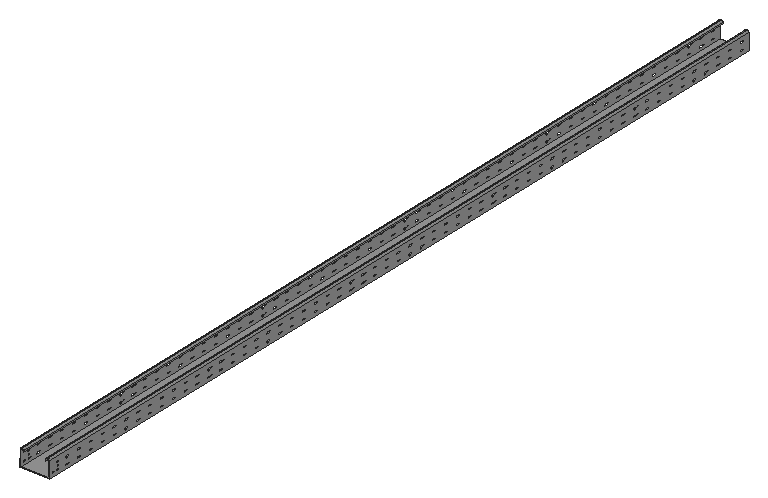
Revit family "Kabelrinne_rksm_A2_610_615_620_630_640_650_660", category Generic Models, Revit 2017
Family settings
  Can host rebar = No
  Round Connector Dimension = Use Diameter
  Part Type = Normal
  Work Plane-Based = No
  Always vertical = Yes
  Cut with Voids When Loaded = No
  Shared = No
  Room Calculation Point = No
Parameters (values of type "RKSM 610 A2")
  Width 1 = Width / 2  # 50 mm
  Width = 100 mm
  URL = "http://www.obo-bettermann.com"
  Material = Stainless steel, A2
  Manufacturer Art.No. = "6047613"
  Manufacturer = "OBO BETTERMANN"
  Length = 3000 mm
  GTIN = "4012195706083"
  Cut's space 2 = 50.8 mm
  Cut's space = 101.7 mm
  Cut's number 3 = (Length / Cut's space 2) - 1  # 58
  Cut's number 2 = 2
  Cut's number = Length / Cut's space  # 29
  Article Type = "RKSM 610 A2"
Reference planes
  plane 1 "Center (Front/Back)": y = 0
  plane 2: z = 0
  plane 3 "Center (Left/Right)": x = 0
  plane 4: z = 60
  plane 5: z = 51
  plane 6: x = -25
  plane 7: x = -25
  plane 8: z = -2.65
  plane 9: z = -3.65
  plane 10: y = 3000
  plane 11: y = 82.8
  plane 12: y = 133.6
  plane 13: x = 49
  plane 14: x = 50
  plane 15: x = -50
  plane 16: x = -49
  plane 17: x = -49
  plane 18: x = -50
  plane 19: x = -49
  plane 20: x = -50
  plane 21: x = -50
  plane 22: x = -49
  plane 23: x = 50
  plane 24: x = 49
  plane 25: x = -50
  plane 26: x = -49
Forms (mm)
  Extrusion 1, solid, material "Stainless steel, A2" <- "Material"
    sketch origin (0, 0, 0) x (1, 0, 0) y (0, 0, 1)
      loop
        line (-50, 0) -> (50, 0) -> (50, 54.088)
        arc (50, 54.088) -> (44, 60.088) -> (38, 54.088) r 6
        line (38, 54.088) -> (38, 51) -> (39, 51) -> (39, 54.088)
        arc (39, 54.088) -> (44, 59.088) -> (49, 54.088) r 5
        line (49, 54.088) -> (49, 1) -> (-49, 1) -> (-49, 54.218)
        arc (-49, 54.218) -> (-44, 59.218) -> (-39, 54.218) r 5
        line (-39, 54.218) -> (-39, 51) -> (-38, 51) -> (-38, 54.218)
        arc (-38, 54.218) -> (-44, 60.218) -> (-50, 54.218) r 6
        line (-50, 54.218) -> (-50, 0)
    from 0 to -3000
  Extrusion 2, solid, not visible
    sketch origin (0, 0, 0) x (1, 0, 0) y (0, 1, 0)
      loop
        arc (-34.045, -114.18) -> (-25, -123.225) -> (-15.955, -114.18) r 9.045
        line (-15.955, -114.18) -> (-15.955, -89.18)
        arc (-15.955, -89.18) -> (-25, -80.135) -> (-34.045, -89.18) r 9.045
        line (-34.045, -89.18) -> (-34.045, -114.18)
    from -2.65 to 0
  Extrusion 3, void, not visible
    sketch origin (0, 0, 0) x (1, 0, 0) y (0, 1, 0)
      loop
        arc (-28.5, -114.18) -> (-25, -117.68) -> (-21.5, -114.18) r 3.5
        line (-21.5, -114.18) -> (-21.5, -89.18)
        arc (-21.5, -89.18) -> (-25, -85.68) -> (-28.5, -89.18) r 3.5
        line (-28.5, -89.18) -> (-28.5, -114.18)
    from -3.65 to 1
  Extrusion 4, void, not visible
    sketch origin (0, 0, 0) x (0, 1, 0) y (0, 0, 1)
      loop
        arc (-82.76, 16) -> (-86.26, 12.5) -> (-82.76, 9) r 3.5
        line (-82.76, 9) -> (-69.76, 9)
        arc (-69.76, 9) -> (-66.26, 12.5) -> (-69.76, 16) r 3.5
        line (-69.76, 16) -> (-82.76, 16)
    from 49 to 50
  Extrusion 5, void
    sketch origin (25, 0, 0) x (0, 1, 0) y (0, 0, 1)
      loop
        line (82.8, 16) -> (69.8, 16)
        arc (69.8, 16) -> (66.3, 12.5) -> (69.8, 9) r 3.5
        line (69.8, 9) -> (82.8, 9)
        arc (82.8, 9) -> (86.3, 12.5) -> (82.8, 16) r 3.5
    from -75 to -74
  Extrusion 6, void, not visible
    sketch origin (25, 0, 0) x (0, 1, 0) y (0, 0, 1)
      loop
        line (82.76, 16) -> (69.76, 16)
        arc (69.76, 16) -> (66.26, 12.5) -> (69.76, 9) r 3.5
        line (69.76, 9) -> (82.76, 9)
        arc (82.76, 9) -> (86.26, 12.5) -> (82.76, 16) r 3.5
    from -75 to -74
  Extrusion 7, void, not visible
    sketch origin (-25, 0, 0) x (0, 1, 0) y (0, 0, 1)
      loop
        arc (69.76, 15.998) -> (66.26, 12.498) -> (69.76, 8.998) r 3.5
        line (69.76, 8.998) -> (82.76, 8.998)
        arc (82.76, 8.998) -> (86.26, 12.498) -> (82.76, 15.998) r 3.5
        line (82.76, 15.998) -> (69.76, 15.998)
    from 74 to 75
  Extrusion 8, void
    sketch origin (25, 0, 25) x (0, 1, 0) y (0, 0, 1)
      loop
        line (82.8, 16) -> (69.8, 16)
        arc (69.8, 16) -> (66.3, 12.5) -> (69.8, 9) r 3.5
        line (69.8, 9) -> (82.8, 9)
        arc (82.8, 9) -> (86.3, 12.5) -> (82.8, 16) r 3.5
    from -75 to -74
  Extrusion 9, void, not visible
    sketch origin (25, 0, 0) x (0, 1, 0) y (0, 0, 1)
      loop
        line (82.8, 16) -> (69.8, 16)
        arc (69.8, 16) -> (66.3, 12.5) -> (69.8, 9) r 3.5
        line (69.8, 9) -> (82.8, 9)
        arc (82.8, 9) -> (86.3, 12.5) -> (82.8, 16) r 3.5
    from -75 to -74
  Extrusion 10, void
    sketch origin (-20, 0, 0) x (0, 1, 0) y (0, 0, 1)
      loop
        arc (69.8, 16) -> (66.3, 12.5) -> (69.8, 9) r 3.5
        line (69.8, 9) -> (82.8, 9)
        arc (82.8, 9) -> (86.3, 12.5) -> (82.8, 16) r 3.5
        line (82.8, 16) -> (69.8, 16)
    from 69 to 70
  Extrusion 11, void
    sketch origin (-20, 0, 25) x (0, 1, 0) y (0, 0, 1)
      loop
        arc (69.8, 16) -> (66.3, 12.5) -> (69.8, 9) r 3.5
        line (69.8, 9) -> (82.8, 9)
        arc (82.8, 9) -> (86.3, 12.5) -> (82.8, 16) r 3.5
        line (82.8, 16) -> (69.8, 16)
    from 69 to 70
  Extrusion 12, void, not visible
    sketch origin (0, 0, 0) x (0, 1, 0) y (0, 0, 1)
      loop
        arc (69.8, 16) -> (66.3, 12.5) -> (69.8, 9) r 3.5
        line (69.8, 9) -> (82.8, 9)
        arc (82.8, 9) -> (86.3, 12.5) -> (82.8, 16) r 3.5
        line (82.8, 16) -> (69.8, 16)
    from 69 to 70
  Extrusion 13, void
    sketch origin (-20, 50.8, 0) x (0, 1, 0) y (0, 0, 1)
      loop
        arc (69.8, 16) -> (66.3, 12.5) -> (69.8, 9) r 3.5
        line (69.8, 9) -> (82.8, 9)
        arc (82.8, 9) -> (86.3, 12.5) -> (82.8, 16) r 3.5
        line (82.8, 16) -> (69.8, 16)
    from 69 to 70
  Extrusion 14, void
    sketch origin (-20, 50.8, 25) x (0, 1, 0) y (0, 0, 1)
      loop
        arc (69.8, 16) -> (66.3, 12.5) -> (69.8, 9) r 3.5
        line (69.8, 9) -> (82.8, 9)
        arc (82.8, 9) -> (86.3, 12.5) -> (82.8, 16) r 3.5
        line (82.8, 16) -> (69.8, 16)
    from 69 to 70
  Extrusion 15, void
    sketch origin (-20, 101.6, 0) x (0, 1, 0) y (0, 0, 1)
      loop
        arc (69.8, 16) -> (66.3, 12.5) -> (69.8, 9) r 3.5
        line (69.8, 9) -> (82.8, 9)
        arc (82.8, 9) -> (86.3, 12.5) -> (82.8, 16) r 3.5
        line (82.8, 16) -> (69.8, 16)
    from 69 to 70
  Extrusion 16, void
    sketch origin (-20, 101.6, 25) x (0, 1, 0) y (0, 0, 1)
      loop
        arc (69.8, 16) -> (66.3, 12.5) -> (69.8, 9) r 3.5
        line (69.8, 9) -> (82.8, 9)
        arc (82.8, 9) -> (86.3, 12.5) -> (82.8, 16) r 3.5
        line (82.8, 16) -> (69.8, 16)
    from 69 to 70
  Extrusion 17, void
    sketch origin (-20, 152.4, 0) x (0, 1, 0) y (0, 0, 1)
      loop
        arc (69.8, 16) -> (66.3, 12.5) -> (69.8, 9) r 3.5
        line (69.8, 9) -> (82.8, 9)
        arc (82.8, 9) -> (86.3, 12.5) -> (82.8, 16) r 3.5
        line (82.8, 16) -> (69.8, 16)
    from 69 to 70
  Extrusion 18, void
    sketch origin (-20, 152.4, 25) x (0, 1, 0) y (0, 0, 1)
      loop
        arc (69.8, 16) -> (66.3, 12.5) -> (69.8, 9) r 3.5
        line (69.8, 9) -> (82.8, 9)
        arc (82.8, 9) -> (86.3, 12.5) -> (82.8, 16) r 3.5
        line (82.8, 16) -> (69.8, 16)
    from 69 to 70
  Extrusion 19, void
    sketch origin (25, 50.8, 0) x (0, 1, 0) y (0, 0, 1)
      loop
        line (82.8, 16) -> (69.8, 16)
        arc (69.8, 16) -> (66.3, 12.5) -> (69.8, 9) r 3.5
        line (69.8, 9) -> (82.8, 9)
        arc (82.8, 9) -> (86.3, 12.5) -> (82.8, 16) r 3.5
    from -75 to -74
  Extrusion 20, void
    sketch origin (25, 50.8, 25) x (0, 1, 0) y (0, 0, 1)
      loop
        line (82.8, 16) -> (69.8, 16)
        arc (69.8, 16) -> (66.3, 12.5) -> (69.8, 9) r 3.5
        line (69.8, 9) -> (82.8, 9)
        arc (82.8, 9) -> (86.3, 12.5) -> (82.8, 16) r 3.5
    from -75 to -74
  Extrusion 21, void
    sketch origin (25, 101.6, 0) x (0, 1, 0) y (0, 0, 1)
      loop
        line (82.8, 16) -> (69.8, 16)
        arc (69.8, 16) -> (66.3, 12.5) -> (69.8, 9) r 3.5
        line (69.8, 9) -> (82.8, 9)
        arc (82.8, 9) -> (86.3, 12.5) -> (82.8, 16) r 3.5
    from -75 to -74
  Extrusion 22, void
    sketch origin (25, 101.6, 25) x (0, 1, 0) y (0, 0, 1)
      loop
        line (82.8, 16) -> (69.8, 16)
        arc (69.8, 16) -> (66.3, 12.5) -> (69.8, 9) r 3.5
        line (69.8, 9) -> (82.8, 9)
        arc (82.8, 9) -> (86.3, 12.5) -> (82.8, 16) r 3.5
    from -75 to -74
  Extrusion 23, void
    sketch origin (25, 152.4, 0) x (0, 1, 0) y (0, 0, 1)
      loop
        line (82.8, 16) -> (69.8, 16)
        arc (69.8, 16) -> (66.3, 12.5) -> (69.8, 9) r 3.5
        line (69.8, 9) -> (82.8, 9)
        arc (82.8, 9) -> (86.3, 12.5) -> (82.8, 16) r 3.5
    from -75 to -74
  Extrusion 24, void
    sketch origin (25, 152.4, 25) x (0, 1, 0) y (0, 0, 1)
      loop
        line (82.8, 16) -> (69.8, 16)
        arc (69.8, 16) -> (66.3, 12.5) -> (69.8, 9) r 3.5
        line (69.8, 9) -> (82.8, 9)
        arc (82.8, 9) -> (86.3, 12.5) -> (82.8, 16) r 3.5
    from -75 to -74
  Extrusion 25, void
    sketch origin (25, 203.2, 0) x (0, 1, 0) y (0, 0, 1)
      loop
        line (82.8, 16) -> (69.8, 16)
        arc (69.8, 16) -> (66.3, 12.5) -> (69.8, 9) r 3.5
        line (69.8, 9) -> (82.8, 9)
        arc (82.8, 9) -> (86.3, 12.5) -> (82.8, 16) r 3.5
    from -75 to -74
  Extrusion 26, void
    sketch origin (25, 203.2, 25) x (0, 1, 0) y (0, 0, 1)
      loop
        line (82.8, 16) -> (69.8, 16)
        arc (69.8, 16) -> (66.3, 12.5) -> (69.8, 9) r 3.5
        line (69.8, 9) -> (82.8, 9)
        arc (82.8, 9) -> (86.3, 12.5) -> (82.8, 16) r 3.5
    from -75 to -74
  Extrusion 27, void
    sketch origin (-20, 203.2, 0) x (0, 1, 0) y (0, 0, 1)
      loop
        arc (69.8, 16) -> (66.3, 12.5) -> (69.8, 9) r 3.5
        line (69.8, 9) -> (82.8, 9)
        arc (82.8, 9) -> (86.3, 12.5) -> (82.8, 16) r 3.5
        line (82.8, 16) -> (69.8, 16)
    from 69 to 70
  Extrusion 28, void
    sketch origin (-20, 203.2, 25) x (0, 1, 0) y (0, 0, 1)
      loop
        arc (69.8, 16) -> (66.3, 12.5) -> (69.8, 9) r 3.5
        line (69.8, 9) -> (82.8, 9)
        arc (82.8, 9) -> (86.3, 12.5) -> (82.8, 16) r 3.5
        line (82.8, 16) -> (69.8, 16)
    from 69 to 70
  Extrusion 29, void
    sketch origin (25, 254, 0) x (0, 1, 0) y (0, 0, 1)
      loop
        line (82.8, 16) -> (69.8, 16)
        arc (69.8, 16) -> (66.3, 12.5) -> (69.8, 9) r 3.5
        line (69.8, 9) -> (82.8, 9)
        arc (82.8, 9) -> (86.3, 12.5) -> (82.8, 16) r 3.5
    from -75 to -74
  Extrusion 30, void
    sketch origin (25, 254, 25) x (0, 1, 0) y (0, 0, 1)
      loop
        line (82.8, 16) -> (69.8, 16)
        arc (69.8, 16) -> (66.3, 12.5) -> (69.8, 9) r 3.5
        line (69.8, 9) -> (82.8, 9)
        arc (82.8, 9) -> (86.3, 12.5) -> (82.8, 16) r 3.5
    from -75 to -74
  Extrusion 31, void
    sketch origin (25, 304.8, 0) x (0, 1, 0) y (0, 0, 1)
      loop
        line (82.8, 16) -> (69.8, 16)
        arc (69.8, 16) -> (66.3, 12.5) -> (69.8, 9) r 3.5
        line (69.8, 9) -> (82.8, 9)
        arc (82.8, 9) -> (86.3, 12.5) -> (82.8, 16) r 3.5
    from -75 to -74
  Extrusion 32, void
    sketch origin (25, 304.8, 25) x (0, 1, 0) y (0, 0, 1)
      loop
        line (82.8, 16) -> (69.8, 16)
        arc (69.8, 16) -> (66.3, 12.5) -> (69.8, 9) r 3.5
        line (69.8, 9) -> (82.8, 9)
        arc (82.8, 9) -> (86.3, 12.5) -> (82.8, 16) r 3.5
    from -75 to -74
  Extrusion 33, void
    sketch origin (25, 355.6, 0) x (0, 1, 0) y (0, 0, 1)
      loop
        line (82.8, 16) -> (69.8, 16)
        arc (69.8, 16) -> (66.3, 12.5) -> (69.8, 9) r 3.5
        line (69.8, 9) -> (82.8, 9)
        arc (82.8, 9) -> (86.3, 12.5) -> (82.8, 16) r 3.5
    from -75 to -74
  Extrusion 34, void
    sketch origin (25, 355.6, 25) x (0, 1, 0) y (0, 0, 1)
      loop
        line (82.8, 16) -> (69.8, 16)
        arc (69.8, 16) -> (66.3, 12.5) -> (69.8, 9) r 3.5
        line (69.8, 9) -> (82.8, 9)
        arc (82.8, 9) -> (86.3, 12.5) -> (82.8, 16) r 3.5
    from -75 to -74
  Extrusion 35, void
    sketch origin (25, 406.4, 0) x (0, 1, 0) y (0, 0, 1)
      loop
        line (82.8, 16) -> (69.8, 16)
        arc (69.8, 16) -> (66.3, 12.5) -> (69.8, 9) r 3.5
        line (69.8, 9) -> (82.8, 9)
        arc (82.8, 9) -> (86.3, 12.5) -> (82.8, 16) r 3.5
    from -75 to -74
  Extrusion 36, void
    sketch origin (25, 406.4, 25) x (0, 1, 0) y (0, 0, 1)
      loop
        line (82.8, 16) -> (69.8, 16)
        arc (69.8, 16) -> (66.3, 12.5) -> (69.8, 9) r 3.5
        line (69.8, 9) -> (82.8, 9)
        arc (82.8, 9) -> (86.3, 12.5) -> (82.8, 16) r 3.5
    from -75 to -74
  Extrusion 37, void
    sketch origin (25, 457.2, 0) x (0, 1, 0) y (0, 0, 1)
      loop
        line (82.8, 16) -> (69.8, 16)
        arc (69.8, 16) -> (66.3, 12.5) -> (69.8, 9) r 3.5
        line (69.8, 9) -> (82.8, 9)
        arc (82.8, 9) -> (86.3, 12.5) -> (82.8, 16) r 3.5
    from -75 to -74
  Extrusion 38, void
    sketch origin (25, 457.2, 25) x (0, 1, 0) y (0, 0, 1)
      loop
        line (82.8, 16) -> (69.8, 16)
        arc (69.8, 16) -> (66.3, 12.5) -> (69.8, 9) r 3.5
        line (69.8, 9) -> (82.8, 9)
        arc (82.8, 9) -> (86.3, 12.5) -> (82.8, 16) r 3.5
    from -75 to -74
  Extrusion 39, void
    sketch origin (25, 508, 0) x (0, 1, 0) y (0, 0, 1)
      loop
        line (82.8, 16) -> (69.8, 16)
        arc (69.8, 16) -> (66.3, 12.5) -> (69.8, 9) r 3.5
        line (69.8, 9) -> (82.8, 9)
        arc (82.8, 9) -> (86.3, 12.5) -> (82.8, 16) r 3.5
    from -75 to -74
  Extrusion 40, void
    sketch origin (25, 508, 25) x (0, 1, 0) y (0, 0, 1)
      loop
        line (82.8, 16) -> (69.8, 16)
        arc (69.8, 16) -> (66.3, 12.5) -> (69.8, 9) r 3.5
        line (69.8, 9) -> (82.8, 9)
        arc (82.8, 9) -> (86.3, 12.5) -> (82.8, 16) r 3.5
    from -75 to -74
  Extrusion 41, void
    sketch origin (25, 558.8, 0) x (0, 1, 0) y (0, 0, 1)
      loop
        line (82.8, 16) -> (69.8, 16)
        arc (69.8, 16) -> (66.3, 12.5) -> (69.8, 9) r 3.5
        line (69.8, 9) -> (82.8, 9)
        arc (82.8, 9) -> (86.3, 12.5) -> (82.8, 16) r 3.5
    from -75 to -74
  Extrusion 42, void
    sketch origin (25, 558.8, 25) x (0, 1, 0) y (0, 0, 1)
      loop
        line (82.8, 16) -> (69.8, 16)
        arc (69.8, 16) -> (66.3, 12.5) -> (69.8, 9) r 3.5
        line (69.8, 9) -> (82.8, 9)
        arc (82.8, 9) -> (86.3, 12.5) -> (82.8, 16) r 3.5
    from -75 to -74
  Extrusion 43, void
    sketch origin (25, 609.6, 0) x (0, 1, 0) y (0, 0, 1)
      loop
        line (82.8, 16) -> (69.8, 16)
        arc (69.8, 16) -> (66.3, 12.5) -> (69.8, 9) r 3.5
        line (69.8, 9) -> (82.8, 9)
        arc (82.8, 9) -> (86.3, 12.5) -> (82.8, 16) r 3.5
    from -75 to -74
  Extrusion 44, void
    sketch origin (25, 609.6, 25) x (0, 1, 0) y (0, 0, 1)
      loop
        line (82.8, 16) -> (69.8, 16)
        arc (69.8, 16) -> (66.3, 12.5) -> (69.8, 9) r 3.5
        line (69.8, 9) -> (82.8, 9)
        arc (82.8, 9) -> (86.3, 12.5) -> (82.8, 16) r 3.5
    from -75 to -74
  Extrusion 45, void
    sketch origin (25, 660.4, 0) x (0, 1, 0) y (0, 0, 1)
      loop
        line (82.8, 16) -> (69.8, 16)
        arc (69.8, 16) -> (66.3, 12.5) -> (69.8, 9) r 3.5
        line (69.8, 9) -> (82.8, 9)
        arc (82.8, 9) -> (86.3, 12.5) -> (82.8, 16) r 3.5
    from -75 to -74
  Extrusion 46, void
    sketch origin (25, 660.4, 25) x (0, 1, 0) y (0, 0, 1)
      loop
        line (82.8, 16) -> (69.8, 16)
        arc (69.8, 16) -> (66.3, 12.5) -> (69.8, 9) r 3.5
        line (69.8, 9) -> (82.8, 9)
        arc (82.8, 9) -> (86.3, 12.5) -> (82.8, 16) r 3.5
    from -75 to -74
  Extrusion 47, void
    sketch origin (25, 711.2, 0) x (0, 1, 0) y (0, 0, 1)
      loop
        line (82.8, 16) -> (69.8, 16)
        arc (69.8, 16) -> (66.3, 12.5) -> (69.8, 9) r 3.5
        line (69.8, 9) -> (82.8, 9)
        arc (82.8, 9) -> (86.3, 12.5) -> (82.8, 16) r 3.5
    from -75 to -74
  Extrusion 48, void
    sketch origin (25, 711.2, 25) x (0, 1, 0) y (0, 0, 1)
      loop
        line (82.8, 16) -> (69.8, 16)
        arc (69.8, 16) -> (66.3, 12.5) -> (69.8, 9) r 3.5
        line (69.8, 9) -> (82.8, 9)
        arc (82.8, 9) -> (86.3, 12.5) -> (82.8, 16) r 3.5
    from -75 to -74
  Extrusion 49, void
    sketch origin (25, 762, 0) x (0, 1, 0) y (0, 0, 1)
      loop
        line (82.8, 16) -> (69.8, 16)
        arc (69.8, 16) -> (66.3, 12.5) -> (69.8, 9) r 3.5
        line (69.8, 9) -> (82.8, 9)
        arc (82.8, 9) -> (86.3, 12.5) -> (82.8, 16) r 3.5
    from -75 to -74
  Extrusion 50, void
    sketch origin (25, 762, 25) x (0, 1, 0) y (0, 0, 1)
      loop
        line (82.8, 16) -> (69.8, 16)
        arc (69.8, 16) -> (66.3, 12.5) -> (69.8, 9) r 3.5
        line (69.8, 9) -> (82.8, 9)
        arc (82.8, 9) -> (86.3, 12.5) -> (82.8, 16) r 3.5
    from -75 to -74
  Extrusion 51, void
    sketch origin (25, 812.8, 0) x (0, 1, 0) y (0, 0, 1)
      loop
        line (82.8, 16) -> (69.8, 16)
        arc (69.8, 16) -> (66.3, 12.5) -> (69.8, 9) r 3.5
        line (69.8, 9) -> (82.8, 9)
        arc (82.8, 9) -> (86.3, 12.5) -> (82.8, 16) r 3.5
    from -75 to -74
  Extrusion 52, void
    sketch origin (25, 812.8, 25) x (0, 1, 0) y (0, 0, 1)
      loop
        line (82.8, 16) -> (69.8, 16)
        arc (69.8, 16) -> (66.3, 12.5) -> (69.8, 9) r 3.5
        line (69.8, 9) -> (82.8, 9)
        arc (82.8, 9) -> (86.3, 12.5) -> (82.8, 16) r 3.5
    from -75 to -74
  Extrusion 53, void
    sketch origin (25, 863.6, 0) x (0, 1, 0) y (0, 0, 1)
      loop
        line (82.8, 16) -> (69.8, 16)
        arc (69.8, 16) -> (66.3, 12.5) -> (69.8, 9) r 3.5
        line (69.8, 9) -> (82.8, 9)
        arc (82.8, 9) -> (86.3, 12.5) -> (82.8, 16) r 3.5
    from -75 to -74
  Extrusion 54, void
    sketch origin (25, 863.6, 25) x (0, 1, 0) y (0, 0, 1)
      loop
        line (82.8, 16) -> (69.8, 16)
        arc (69.8, 16) -> (66.3, 12.5) -> (69.8, 9) r 3.5
        line (69.8, 9) -> (82.8, 9)
        arc (82.8, 9) -> (86.3, 12.5) -> (82.8, 16) r 3.5
    from -75 to -74
  Extrusion 55, void
    sketch origin (25, 914.4, 0) x (0, 1, 0) y (0, 0, 1)
      loop
        line (82.8, 16) -> (69.8, 16)
        arc (69.8, 16) -> (66.3, 12.5) -> (69.8, 9) r 3.5
        line (69.8, 9) -> (82.8, 9)
        arc (82.8, 9) -> (86.3, 12.5) -> (82.8, 16) r 3.5
    from -75 to -74
  Extrusion 56, void
    sketch origin (25, 914.4, 25) x (0, 1, 0) y (0, 0, 1)
      loop
        line (82.8, 16) -> (69.8, 16)
        arc (69.8, 16) -> (66.3, 12.5) -> (69.8, 9) r 3.5
        line (69.8, 9) -> (82.8, 9)
        arc (82.8, 9) -> (86.3, 12.5) -> (82.8, 16) r 3.5
    from -75 to -74
  Extrusion 57, void
    sketch origin (25, 965.2, 0) x (0, 1, 0) y (0, 0, 1)
      loop
        line (82.8, 16) -> (69.8, 16)
        arc (69.8, 16) -> (66.3, 12.5) -> (69.8, 9) r 3.5
        line (69.8, 9) -> (82.8, 9)
        arc (82.8, 9) -> (86.3, 12.5) -> (82.8, 16) r 3.5
    from -75 to -74
  Extrusion 58, void
    sketch origin (25, 965.2, 25) x (0, 1, 0) y (0, 0, 1)
      loop
        line (82.8, 16) -> (69.8, 16)
        arc (69.8, 16) -> (66.3, 12.5) -> (69.8, 9) r 3.5
        line (69.8, 9) -> (82.8, 9)
        arc (82.8, 9) -> (86.3, 12.5) -> (82.8, 16) r 3.5
    from -75 to -74
  Extrusion 59, void
    sketch origin (25, 1016, 0) x (0, 1, 0) y (0, 0, 1)
      loop
        line (82.8, 16) -> (69.8, 16)
        arc (69.8, 16) -> (66.3, 12.5) -> (69.8, 9) r 3.5
        line (69.8, 9) -> (82.8, 9)
        arc (82.8, 9) -> (86.3, 12.5) -> (82.8, 16) r 3.5
    from -75 to -74
  Extrusion 60, void
    sketch origin (25, 1016, 25) x (0, 1, 0) y (0, 0, 1)
      loop
        line (82.8, 16) -> (69.8, 16)
        arc (69.8, 16) -> (66.3, 12.5) -> (69.8, 9) r 3.5
        line (69.8, 9) -> (82.8, 9)
        arc (82.8, 9) -> (86.3, 12.5) -> (82.8, 16) r 3.5
    from -75 to -74
  Extrusion 61, void
    sketch origin (25, 1066.8, 0) x (0, 1, 0) y (0, 0, 1)
      loop
        line (82.8, 16) -> (69.8, 16)
        arc (69.8, 16) -> (66.3, 12.5) -> (69.8, 9) r 3.5
        line (69.8, 9) -> (82.8, 9)
        arc (82.8, 9) -> (86.3, 12.5) -> (82.8, 16) r 3.5
    from -75 to -74
  Extrusion 62, void
    sketch origin (25, 1066.8, 25) x (0, 1, 0) y (0, 0, 1)
      loop
        line (82.8, 16) -> (69.8, 16)
        arc (69.8, 16) -> (66.3, 12.5) -> (69.8, 9) r 3.5
        line (69.8, 9) -> (82.8, 9)
        arc (82.8, 9) -> (86.3, 12.5) -> (82.8, 16) r 3.5
    from -75 to -74
  Extrusion 63, void
    sketch origin (25, 1117.6, 0) x (0, 1, 0) y (0, 0, 1)
      loop
        line (82.8, 16) -> (69.8, 16)
        arc (69.8, 16) -> (66.3, 12.5) -> (69.8, 9) r 3.5
        line (69.8, 9) -> (82.8, 9)
        arc (82.8, 9) -> (86.3, 12.5) -> (82.8, 16) r 3.5
    from -75 to -74
  Extrusion 64, void
    sketch origin (25, 1117.6, 25) x (0, 1, 0) y (0, 0, 1)
      loop
        line (82.8, 16) -> (69.8, 16)
        arc (69.8, 16) -> (66.3, 12.5) -> (69.8, 9) r 3.5
        line (69.8, 9) -> (82.8, 9)
        arc (82.8, 9) -> (86.3, 12.5) -> (82.8, 16) r 3.5
    from -75 to -74
  Extrusion 65, void
    sketch origin (25, 1168.4, 0) x (0, 1, 0) y (0, 0, 1)
      loop
        line (82.8, 16) -> (69.8, 16)
        arc (69.8, 16) -> (66.3, 12.5) -> (69.8, 9) r 3.5
        line (69.8, 9) -> (82.8, 9)
        arc (82.8, 9) -> (86.3, 12.5) -> (82.8, 16) r 3.5
    from -75 to -74
  Extrusion 66, void
    sketch origin (25, 1168.4, 25) x (0, 1, 0) y (0, 0, 1)
      loop
        line (82.8, 16) -> (69.8, 16)
        arc (69.8, 16) -> (66.3, 12.5) -> (69.8, 9) r 3.5
        line (69.8, 9) -> (82.8, 9)
        arc (82.8, 9) -> (86.3, 12.5) -> (82.8, 16) r 3.5
    from -75 to -74
  Extrusion 67, void
    sketch origin (25, 1219.2, 0) x (0, 1, 0) y (0, 0, 1)
      loop
        line (82.8, 16) -> (69.8, 16)
        arc (69.8, 16) -> (66.3, 12.5) -> (69.8, 9) r 3.5
        line (69.8, 9) -> (82.8, 9)
        arc (82.8, 9) -> (86.3, 12.5) -> (82.8, 16) r 3.5
    from -75 to -74
  Extrusion 68, void
    sketch origin (25, 1219.2, 25) x (0, 1, 0) y (0, 0, 1)
      loop
        line (82.8, 16) -> (69.8, 16)
        arc (69.8, 16) -> (66.3, 12.5) -> (69.8, 9) r 3.5
        line (69.8, 9) -> (82.8, 9)
        arc (82.8, 9) -> (86.3, 12.5) -> (82.8, 16) r 3.5
    from -75 to -74
  Extrusion 69, void
    sketch origin (25, 1270, 0) x (0, 1, 0) y (0, 0, 1)
      loop
        line (82.8, 16) -> (69.8, 16)
        arc (69.8, 16) -> (66.3, 12.5) -> (69.8, 9) r 3.5
        line (69.8, 9) -> (82.8, 9)
        arc (82.8, 9) -> (86.3, 12.5) -> (82.8, 16) r 3.5
    from -75 to -74
  Extrusion 70, void
    sketch origin (25, 1270, 25) x (0, 1, 0) y (0, 0, 1)
      loop
        line (82.8, 16) -> (69.8, 16)
        arc (69.8, 16) -> (66.3, 12.5) -> (69.8, 9) r 3.5
        line (69.8, 9) -> (82.8, 9)
        arc (82.8, 9) -> (86.3, 12.5) -> (82.8, 16) r 3.5
    from -75 to -74
  Extrusion 71, void
    sketch origin (25, 1320.8, 0) x (0, 1, 0) y (0, 0, 1)
      loop
        line (82.8, 16) -> (69.8, 16)
        arc (69.8, 16) -> (66.3, 12.5) -> (69.8, 9) r 3.5
        line (69.8, 9) -> (82.8, 9)
        arc (82.8, 9) -> (86.3, 12.5) -> (82.8, 16) r 3.5
    from -75 to -74
  Extrusion 72, void
    sketch origin (25, 1320.8, 25) x (0, 1, 0) y (0, 0, 1)
      loop
        line (82.8, 16) -> (69.8, 16)
        arc (69.8, 16) -> (66.3, 12.5) -> (69.8, 9) r 3.5
        line (69.8, 9) -> (82.8, 9)
        arc (82.8, 9) -> (86.3, 12.5) -> (82.8, 16) r 3.5
    from -75 to -74
  Extrusion 73, void
    sketch origin (25, 1371.6, 0) x (0, 1, 0) y (0, 0, 1)
      loop
        line (82.8, 16) -> (69.8, 16)
        arc (69.8, 16) -> (66.3, 12.5) -> (69.8, 9) r 3.5
        line (69.8, 9) -> (82.8, 9)
        arc (82.8, 9) -> (86.3, 12.5) -> (82.8, 16) r 3.5
    from -75 to -74
  Extrusion 74, void
    sketch origin (25, 1371.6, 25) x (0, 1, 0) y (0, 0, 1)
      loop
        line (82.8, 16) -> (69.8, 16)
        arc (69.8, 16) -> (66.3, 12.5) -> (69.8, 9) r 3.5
        line (69.8, 9) -> (82.8, 9)
        arc (82.8, 9) -> (86.3, 12.5) -> (82.8, 16) r 3.5
    from -75 to -74
  Extrusion 75, void
    sketch origin (25, 1422.4, 0) x (0, 1, 0) y (0, 0, 1)
      loop
        line (82.8, 16) -> (69.8, 16)
        arc (69.8, 16) -> (66.3, 12.5) -> (69.8, 9) r 3.5
        line (69.8, 9) -> (82.8, 9)
        arc (82.8, 9) -> (86.3, 12.5) -> (82.8, 16) r 3.5
    from -75 to -74
  Extrusion 76, void
    sketch origin (25, 1422.4, 25) x (0, 1, 0) y (0, 0, 1)
      loop
        line (82.8, 16) -> (69.8, 16)
        arc (69.8, 16) -> (66.3, 12.5) -> (69.8, 9) r 3.5
        line (69.8, 9) -> (82.8, 9)
        arc (82.8, 9) -> (86.3, 12.5) -> (82.8, 16) r 3.5
    from -75 to -74
  Extrusion 77, void
    sketch origin (25, 1473.2, 0) x (0, 1, 0) y (0, 0, 1)
      loop
        line (82.8, 16) -> (69.8, 16)
        arc (69.8, 16) -> (66.3, 12.5) -> (69.8, 9) r 3.5
        line (69.8, 9) -> (82.8, 9)
        arc (82.8, 9) -> (86.3, 12.5) -> (82.8, 16) r 3.5
    from -75 to -74
  Extrusion 78, void
    sketch origin (25, 1473.2, 25) x (0, 1, 0) y (0, 0, 1)
      loop
        line (82.8, 16) -> (69.8, 16)
        arc (69.8, 16) -> (66.3, 12.5) -> (69.8, 9) r 3.5
        line (69.8, 9) -> (82.8, 9)
        arc (82.8, 9) -> (86.3, 12.5) -> (82.8, 16) r 3.5
    from -75 to -74
  Extrusion 79, void
    sketch origin (25, 1524, 0) x (0, 1, 0) y (0, 0, 1)
      loop
        line (82.8, 16) -> (69.8, 16)
        arc (69.8, 16) -> (66.3, 12.5) -> (69.8, 9) r 3.5
        line (69.8, 9) -> (82.8, 9)
        arc (82.8, 9) -> (86.3, 12.5) -> (82.8, 16) r 3.5
    from -75 to -74
  Extrusion 80, void
    sketch origin (25, 1524, 25) x (0, 1, 0) y (0, 0, 1)
      loop
        line (82.8, 16) -> (69.8, 16)
        arc (69.8, 16) -> (66.3, 12.5) -> (69.8, 9) r 3.5
        line (69.8, 9) -> (82.8, 9)
        arc (82.8, 9) -> (86.3, 12.5) -> (82.8, 16) r 3.5
    from -75 to -74
  Extrusion 81, void
    sketch origin (25, 1574.8, 0) x (0, 1, 0) y (0, 0, 1)
      loop
        line (82.8, 16) -> (69.8, 16)
        arc (69.8, 16) -> (66.3, 12.5) -> (69.8, 9) r 3.5
        line (69.8, 9) -> (82.8, 9)
        arc (82.8, 9) -> (86.3, 12.5) -> (82.8, 16) r 3.5
    from -75 to -74
  Extrusion 82, void
    sketch origin (25, 1574.8, 25) x (0, 1, 0) y (0, 0, 1)
      loop
        line (82.8, 16) -> (69.8, 16)
        arc (69.8, 16) -> (66.3, 12.5) -> (69.8, 9) r 3.5
        line (69.8, 9) -> (82.8, 9)
        arc (82.8, 9) -> (86.3, 12.5) -> (82.8, 16) r 3.5
    from -75 to -74
  Extrusion 83, void
    sketch origin (25, 1625.6, 0) x (0, 1, 0) y (0, 0, 1)
      loop
        line (82.8, 16) -> (69.8, 16)
        arc (69.8, 16) -> (66.3, 12.5) -> (69.8, 9) r 3.5
        line (69.8, 9) -> (82.8, 9)
        arc (82.8, 9) -> (86.3, 12.5) -> (82.8, 16) r 3.5
    from -75 to -74
  Extrusion 84, void
    sketch origin (25, 1625.6, 25) x (0, 1, 0) y (0, 0, 1)
      loop
        line (82.8, 16) -> (69.8, 16)
        arc (69.8, 16) -> (66.3, 12.5) -> (69.8, 9) r 3.5
        line (69.8, 9) -> (82.8, 9)
        arc (82.8, 9) -> (86.3, 12.5) -> (82.8, 16) r 3.5
    from -75 to -74
  Extrusion 85, void
    sketch origin (25, 1676.4, 0) x (0, 1, 0) y (0, 0, 1)
      loop
        line (82.8, 16) -> (69.8, 16)
        arc (69.8, 16) -> (66.3, 12.5) -> (69.8, 9) r 3.5
        line (69.8, 9) -> (82.8, 9)
        arc (82.8, 9) -> (86.3, 12.5) -> (82.8, 16) r 3.5
    from -75 to -74
  Extrusion 86, void
    sketch origin (25, 1676.4, 25) x (0, 1, 0) y (0, 0, 1)
      loop
        line (82.8, 16) -> (69.8, 16)
        arc (69.8, 16) -> (66.3, 12.5) -> (69.8, 9) r 3.5
        line (69.8, 9) -> (82.8, 9)
        arc (82.8, 9) -> (86.3, 12.5) -> (82.8, 16) r 3.5
    from -75 to -74
  Extrusion 87, void
    sketch origin (25, 1727.2, 0) x (0, 1, 0) y (0, 0, 1)
      loop
        line (82.8, 16) -> (69.8, 16)
        arc (69.8, 16) -> (66.3, 12.5) -> (69.8, 9) r 3.5
        line (69.8, 9) -> (82.8, 9)
        arc (82.8, 9) -> (86.3, 12.5) -> (82.8, 16) r 3.5
    from -75 to -74
  Extrusion 88, void
    sketch origin (25, 1727.2, 25) x (0, 1, 0) y (0, 0, 1)
      loop
        line (82.8, 16) -> (69.8, 16)
        arc (69.8, 16) -> (66.3, 12.5) -> (69.8, 9) r 3.5
        line (69.8, 9) -> (82.8, 9)
        arc (82.8, 9) -> (86.3, 12.5) -> (82.8, 16) r 3.5
    from -75 to -74
  Extrusion 89, void
    sketch origin (25, 1778, 0) x (0, 1, 0) y (0, 0, 1)
      loop
        line (82.8, 16) -> (69.8, 16)
        arc (69.8, 16) -> (66.3, 12.5) -> (69.8, 9) r 3.5
        line (69.8, 9) -> (82.8, 9)
        arc (82.8, 9) -> (86.3, 12.5) -> (82.8, 16) r 3.5
    from -75 to -74
  Extrusion 90, void
    sketch origin (25, 1778, 25) x (0, 1, 0) y (0, 0, 1)
      loop
        line (82.8, 16) -> (69.8, 16)
        arc (69.8, 16) -> (66.3, 12.5) -> (69.8, 9) r 3.5
        line (69.8, 9) -> (82.8, 9)
        arc (82.8, 9) -> (86.3, 12.5) -> (82.8, 16) r 3.5
    from -75 to -74
  Extrusion 91, void
    sketch origin (25, 1828.8, 0) x (0, 1, 0) y (0, 0, 1)
      loop
        line (82.8, 16) -> (69.8, 16)
        arc (69.8, 16) -> (66.3, 12.5) -> (69.8, 9) r 3.5
        line (69.8, 9) -> (82.8, 9)
        arc (82.8, 9) -> (86.3, 12.5) -> (82.8, 16) r 3.5
    from -75 to -74
  Extrusion 92, void
    sketch origin (25, 1828.8, 25) x (0, 1, 0) y (0, 0, 1)
      loop
        line (82.8, 16) -> (69.8, 16)
        arc (69.8, 16) -> (66.3, 12.5) -> (69.8, 9) r 3.5
        line (69.8, 9) -> (82.8, 9)
        arc (82.8, 9) -> (86.3, 12.5) -> (82.8, 16) r 3.5
    from -75 to -74
  Extrusion 93, void
    sketch origin (25, 1879.6, 0) x (0, 1, 0) y (0, 0, 1)
      loop
        line (82.8, 16) -> (69.8, 16)
        arc (69.8, 16) -> (66.3, 12.5) -> (69.8, 9) r 3.5
        line (69.8, 9) -> (82.8, 9)
        arc (82.8, 9) -> (86.3, 12.5) -> (82.8, 16) r 3.5
    from -75 to -74
  Extrusion 94, void
    sketch origin (25, 1879.6, 25) x (0, 1, 0) y (0, 0, 1)
      loop
        line (82.8, 16) -> (69.8, 16)
        arc (69.8, 16) -> (66.3, 12.5) -> (69.8, 9) r 3.5
        line (69.8, 9) -> (82.8, 9)
        arc (82.8, 9) -> (86.3, 12.5) -> (82.8, 16) r 3.5
    from -75 to -74
  Extrusion 95, void
    sketch origin (25, 1930.4, 0) x (0, 1, 0) y (0, 0, 1)
      loop
        line (82.8, 16) -> (69.8, 16)
        arc (69.8, 16) -> (66.3, 12.5) -> (69.8, 9) r 3.5
        line (69.8, 9) -> (82.8, 9)
        arc (82.8, 9) -> (86.3, 12.5) -> (82.8, 16) r 3.5
    from -75 to -74
  Extrusion 96, void
    sketch origin (25, 1930.4, 25) x (0, 1, 0) y (0, 0, 1)
      loop
        line (82.8, 16) -> (69.8, 16)
        arc (69.8, 16) -> (66.3, 12.5) -> (69.8, 9) r 3.5
        line (69.8, 9) -> (82.8, 9)
        arc (82.8, 9) -> (86.3, 12.5) -> (82.8, 16) r 3.5
    from -75 to -74
  Extrusion 97, void
    sketch origin (25, 1981.2, 0) x (0, 1, 0) y (0, 0, 1)
      loop
        line (82.8, 16) -> (69.8, 16)
        arc (69.8, 16) -> (66.3, 12.5) -> (69.8, 9) r 3.5
        line (69.8, 9) -> (82.8, 9)
        arc (82.8, 9) -> (86.3, 12.5) -> (82.8, 16) r 3.5
    from -75 to -74
  Extrusion 98, void
    sketch origin (25, 1981.2, 25) x (0, 1, 0) y (0, 0, 1)
      loop
        line (82.8, 16) -> (69.8, 16)
        arc (69.8, 16) -> (66.3, 12.5) -> (69.8, 9) r 3.5
        line (69.8, 9) -> (82.8, 9)
        arc (82.8, 9) -> (86.3, 12.5) -> (82.8, 16) r 3.5
    from -75 to -74
  Extrusion 99, void
    sketch origin (25, 2032, 0) x (0, 1, 0) y (0, 0, 1)
      loop
        line (82.8, 16) -> (69.8, 16)
        arc (69.8, 16) -> (66.3, 12.5) -> (69.8, 9) r 3.5
        line (69.8, 9) -> (82.8, 9)
        arc (82.8, 9) -> (86.3, 12.5) -> (82.8, 16) r 3.5
    from -75 to -74
  Extrusion 100, void
    sketch origin (25, 2032, 25) x (0, 1, 0) y (0, 0, 1)
      loop
        line (82.8, 16) -> (69.8, 16)
        arc (69.8, 16) -> (66.3, 12.5) -> (69.8, 9) r 3.5
        line (69.8, 9) -> (82.8, 9)
        arc (82.8, 9) -> (86.3, 12.5) -> (82.8, 16) r 3.5
    from -75 to -74
  Extrusion 101, void
    sketch origin (25, 2082.8, 0) x (0, 1, 0) y (0, 0, 1)
      loop
        line (82.8, 16) -> (69.8, 16)
        arc (69.8, 16) -> (66.3, 12.5) -> (69.8, 9) r 3.5
        line (69.8, 9) -> (82.8, 9)
        arc (82.8, 9) -> (86.3, 12.5) -> (82.8, 16) r 3.5
    from -75 to -74
  Extrusion 102, void
    sketch origin (25, 2082.8, 25) x (0, 1, 0) y (0, 0, 1)
      loop
        line (82.8, 16) -> (69.8, 16)
        arc (69.8, 16) -> (66.3, 12.5) -> (69.8, 9) r 3.5
        line (69.8, 9) -> (82.8, 9)
        arc (82.8, 9) -> (86.3, 12.5) -> (82.8, 16) r 3.5
    from -75 to -74
  Extrusion 103, void
    sketch origin (25, 2133.6, 0) x (0, 1, 0) y (0, 0, 1)
      loop
        line (82.8, 16) -> (69.8, 16)
        arc (69.8, 16) -> (66.3, 12.5) -> (69.8, 9) r 3.5
        line (69.8, 9) -> (82.8, 9)
        arc (82.8, 9) -> (86.3, 12.5) -> (82.8, 16) r 3.5
    from -75 to -74
  Extrusion 104, void
    sketch origin (25, 2133.6, 25) x (0, 1, 0) y (0, 0, 1)
      loop
        line (82.8, 16) -> (69.8, 16)
        arc (69.8, 16) -> (66.3, 12.5) -> (69.8, 9) r 3.5
        line (69.8, 9) -> (82.8, 9)
        arc (82.8, 9) -> (86.3, 12.5) -> (82.8, 16) r 3.5
    from -75 to -74
  Extrusion 105, void
    sketch origin (25, 2184.4, 0) x (0, 1, 0) y (0, 0, 1)
      loop
        line (82.8, 16) -> (69.8, 16)
        arc (69.8, 16) -> (66.3, 12.5) -> (69.8, 9) r 3.5
        line (69.8, 9) -> (82.8, 9)
        arc (82.8, 9) -> (86.3, 12.5) -> (82.8, 16) r 3.5
    from -75 to -74
  Extrusion 106, void
    sketch origin (25, 2184.4, 25) x (0, 1, 0) y (0, 0, 1)
      loop
        line (82.8, 16) -> (69.8, 16)
        arc (69.8, 16) -> (66.3, 12.5) -> (69.8, 9) r 3.5
        line (69.8, 9) -> (82.8, 9)
        arc (82.8, 9) -> (86.3, 12.5) -> (82.8, 16) r 3.5
    from -75 to -74
  Extrusion 107, void
    sketch origin (25, 2235.2, 0) x (0, 1, 0) y (0, 0, 1)
      loop
        line (82.8, 16) -> (69.8, 16)
        arc (69.8, 16) -> (66.3, 12.5) -> (69.8, 9) r 3.5
        line (69.8, 9) -> (82.8, 9)
        arc (82.8, 9) -> (86.3, 12.5) -> (82.8, 16) r 3.5
    from -75 to -74
  Extrusion 108, void
    sketch origin (25, 2235.2, 25) x (0, 1, 0) y (0, 0, 1)
      loop
        line (82.8, 16) -> (69.8, 16)
        arc (69.8, 16) -> (66.3, 12.5) -> (69.8, 9) r 3.5
        line (69.8, 9) -> (82.8, 9)
        arc (82.8, 9) -> (86.3, 12.5) -> (82.8, 16) r 3.5
    from -75 to -74
  Extrusion 109, void
    sketch origin (25, 2286, 0) x (0, 1, 0) y (0, 0, 1)
      loop
        line (82.8, 16) -> (69.8, 16)
        arc (69.8, 16) -> (66.3, 12.5) -> (69.8, 9) r 3.5
        line (69.8, 9) -> (82.8, 9)
        arc (82.8, 9) -> (86.3, 12.5) -> (82.8, 16) r 3.5
    from -75 to -74
  Extrusion 110, void
    sketch origin (25, 2286, 25) x (0, 1, 0) y (0, 0, 1)
      loop
        line (82.8, 16) -> (69.8, 16)
        arc (69.8, 16) -> (66.3, 12.5) -> (69.8, 9) r 3.5
        line (69.8, 9) -> (82.8, 9)
        arc (82.8, 9) -> (86.3, 12.5) -> (82.8, 16) r 3.5
    from -75 to -74
  Extrusion 111, void
    sketch origin (25, 2336.8, 0) x (0, 1, 0) y (0, 0, 1)
      loop
        line (82.8, 16) -> (69.8, 16)
        arc (69.8, 16) -> (66.3, 12.5) -> (69.8, 9) r 3.5
        line (69.8, 9) -> (82.8, 9)
        arc (82.8, 9) -> (86.3, 12.5) -> (82.8, 16) r 3.5
    from -75 to -74
  Extrusion 112, void
    sketch origin (25, 2336.8, 25) x (0, 1, 0) y (0, 0, 1)
      loop
        line (82.8, 16) -> (69.8, 16)
        arc (69.8, 16) -> (66.3, 12.5) -> (69.8, 9) r 3.5
        line (69.8, 9) -> (82.8, 9)
        arc (82.8, 9) -> (86.3, 12.5) -> (82.8, 16) r 3.5
    from -75 to -74
  Extrusion 113, void
    sketch origin (25, 2387.6, 0) x (0, 1, 0) y (0, 0, 1)
      loop
        line (82.8, 16) -> (69.8, 16)
        arc (69.8, 16) -> (66.3, 12.5) -> (69.8, 9) r 3.5
        line (69.8, 9) -> (82.8, 9)
        arc (82.8, 9) -> (86.3, 12.5) -> (82.8, 16) r 3.5
    from -75 to -74
  Extrusion 114, void
    sketch origin (25, 2387.6, 25) x (0, 1, 0) y (0, 0, 1)
      loop
        line (82.8, 16) -> (69.8, 16)
        arc (69.8, 16) -> (66.3, 12.5) -> (69.8, 9) r 3.5
        line (69.8, 9) -> (82.8, 9)
        arc (82.8, 9) -> (86.3, 12.5) -> (82.8, 16) r 3.5
    from -75 to -74
  Extrusion 115, void
    sketch origin (25, 2438.4, 0) x (0, 1, 0) y (0, 0, 1)
      loop
        line (82.8, 16) -> (69.8, 16)
        arc (69.8, 16) -> (66.3, 12.5) -> (69.8, 9) r 3.5
        line (69.8, 9) -> (82.8, 9)
        arc (82.8, 9) -> (86.3, 12.5) -> (82.8, 16) r 3.5
    from -75 to -74
  Extrusion 116, void
    sketch origin (25, 2438.4, 25) x (0, 1, 0) y (0, 0, 1)
      loop
        line (82.8, 16) -> (69.8, 16)
        arc (69.8, 16) -> (66.3, 12.5) -> (69.8, 9) r 3.5
        line (69.8, 9) -> (82.8, 9)
        arc (82.8, 9) -> (86.3, 12.5) -> (82.8, 16) r 3.5
    from -75 to -74
  Extrusion 117, void
    sketch origin (25, 2489.2, 0) x (0, 1, 0) y (0, 0, 1)
      loop
        line (82.8, 16) -> (69.8, 16)
        arc (69.8, 16) -> (66.3, 12.5) -> (69.8, 9) r 3.5
        line (69.8, 9) -> (82.8, 9)
        arc (82.8, 9) -> (86.3, 12.5) -> (82.8, 16) r 3.5
    from -75 to -74
  Extrusion 118, void
    sketch origin (25, 2489.2, 25) x (0, 1, 0) y (0, 0, 1)
      loop
        line (82.8, 16) -> (69.8, 16)
        arc (69.8, 16) -> (66.3, 12.5) -> (69.8, 9) r 3.5
        line (69.8, 9) -> (82.8, 9)
        arc (82.8, 9) -> (86.3, 12.5) -> (82.8, 16) r 3.5
    from -75 to -74
  Extrusion 119, void
    sketch origin (25, 2540, 0) x (0, 1, 0) y (0, 0, 1)
      loop
        line (82.8, 16) -> (69.8, 16)
        arc (69.8, 16) -> (66.3, 12.5) -> (69.8, 9) r 3.5
        line (69.8, 9) -> (82.8, 9)
        arc (82.8, 9) -> (86.3, 12.5) -> (82.8, 16) r 3.5
    from -75 to -74
  Extrusion 120, void
    sketch origin (25, 2540, 25) x (0, 1, 0) y (0, 0, 1)
      loop
        line (82.8, 16) -> (69.8, 16)
        arc (69.8, 16) -> (66.3, 12.5) -> (69.8, 9) r 3.5
        line (69.8, 9) -> (82.8, 9)
        arc (82.8, 9) -> (86.3, 12.5) -> (82.8, 16) r 3.5
    from -75 to -74
  Extrusion 121, void
    sketch origin (25, 2590.8, 0) x (0, 1, 0) y (0, 0, 1)
      loop
        line (82.8, 16) -> (69.8, 16)
        arc (69.8, 16) -> (66.3, 12.5) -> (69.8, 9) r 3.5
        line (69.8, 9) -> (82.8, 9)
        arc (82.8, 9) -> (86.3, 12.5) -> (82.8, 16) r 3.5
    from -75 to -74
  Extrusion 122, void
    sketch origin (25, 2590.8, 25) x (0, 1, 0) y (0, 0, 1)
      loop
        line (82.8, 16) -> (69.8, 16)
        arc (69.8, 16) -> (66.3, 12.5) -> (69.8, 9) r 3.5
        line (69.8, 9) -> (82.8, 9)
        arc (82.8, 9) -> (86.3, 12.5) -> (82.8, 16) r 3.5
    from -75 to -74
  Extrusion 123, void
    sketch origin (25, 2641.6, 0) x (0, 1, 0) y (0, 0, 1)
      loop
        line (82.8, 16) -> (69.8, 16)
        arc (69.8, 16) -> (66.3, 12.5) -> (69.8, 9) r 3.5
        line (69.8, 9) -> (82.8, 9)
        arc (82.8, 9) -> (86.3, 12.5) -> (82.8, 16) r 3.5
    from -75 to -74
  Extrusion 124, void
    sketch origin (25, 2641.6, 25) x (0, 1, 0) y (0, 0, 1)
      loop
        line (82.8, 16) -> (69.8, 16)
        arc (69.8, 16) -> (66.3, 12.5) -> (69.8, 9) r 3.5
        line (69.8, 9) -> (82.8, 9)
        arc (82.8, 9) -> (86.3, 12.5) -> (82.8, 16) r 3.5
    from -75 to -74
  Extrusion 125, void
    sketch origin (25, 2692.4, 0) x (0, 1, 0) y (0, 0, 1)
      loop
        line (82.8, 16) -> (69.8, 16)
        arc (69.8, 16) -> (66.3, 12.5) -> (69.8, 9) r 3.5
        line (69.8, 9) -> (82.8, 9)
        arc (82.8, 9) -> (86.3, 12.5) -> (82.8, 16) r 3.5
    from -75 to -74
  Extrusion 126, void
    sketch origin (25, 2692.4, 25) x (0, 1, 0) y (0, 0, 1)
      loop
        line (82.8, 16) -> (69.8, 16)
        arc (69.8, 16) -> (66.3, 12.5) -> (69.8, 9) r 3.5
        line (69.8, 9) -> (82.8, 9)
        arc (82.8, 9) -> (86.3, 12.5) -> (82.8, 16) r 3.5
    from -75 to -74
  Extrusion 127, void
    sketch origin (25, 2743.2, 0) x (0, 1, 0) y (0, 0, 1)
      loop
        line (82.8, 16) -> (69.8, 16)
        arc (69.8, 16) -> (66.3, 12.5) -> (69.8, 9) r 3.5
        line (69.8, 9) -> (82.8, 9)
        arc (82.8, 9) -> (86.3, 12.5) -> (82.8, 16) r 3.5
    from -75 to -74
  Extrusion 128, void
    sketch origin (25, 2743.2, 25) x (0, 1, 0) y (0, 0, 1)
      loop
        line (82.8, 16) -> (69.8, 16)
        arc (69.8, 16) -> (66.3, 12.5) -> (69.8, 9) r 3.5
        line (69.8, 9) -> (82.8, 9)
        arc (82.8, 9) -> (86.3, 12.5) -> (82.8, 16) r 3.5
    from -75 to -74
  Extrusion 129, void
    sketch origin (25, 2794, 0) x (0, 1, 0) y (0, 0, 1)
      loop
        line (82.8, 16) -> (69.8, 16)
        arc (69.8, 16) -> (66.3, 12.5) -> (69.8, 9) r 3.5
        line (69.8, 9) -> (82.8, 9)
        arc (82.8, 9) -> (86.3, 12.5) -> (82.8, 16) r 3.5
    from -75 to -74
  Extrusion 130, void
    sketch origin (25, 2794, 25) x (0, 1, 0) y (0, 0, 1)
      loop
        line (82.8, 16) -> (69.8, 16)
        arc (69.8, 16) -> (66.3, 12.5) -> (69.8, 9) r 3.5
        line (69.8, 9) -> (82.8, 9)
        arc (82.8, 9) -> (86.3, 12.5) -> (82.8, 16) r 3.5
    from -75 to -74
  Extrusion 131, void
    sketch origin (25, 2844.8, 0) x (0, 1, 0) y (0, 0, 1)
      loop
        line (82.8, 16) -> (69.8, 16)
        arc (69.8, 16) -> (66.3, 12.5) -> (69.8, 9) r 3.5
        line (69.8, 9) -> (82.8, 9)
        arc (82.8, 9) -> (86.3, 12.5) -> (82.8, 16) r 3.5
    from -75 to -74
  Extrusion 132, void
    sketch origin (25, 2844.8, 25) x (0, 1, 0) y (0, 0, 1)
      loop
        line (82.8, 16) -> (69.8, 16)
        arc (69.8, 16) -> (66.3, 12.5) -> (69.8, 9) r 3.5
        line (69.8, 9) -> (82.8, 9)
        arc (82.8, 9) -> (86.3, 12.5) -> (82.8, 16) r 3.5
    from -75 to -74
  Extrusion 133, void
    sketch origin (25, 2895.6, 0) x (0, 1, 0) y (0, 0, 1)
      loop
        line (82.8, 16) -> (69.8, 16)
        arc (69.8, 16) -> (66.3, 12.5) -> (69.8, 9) r 3.5
        line (69.8, 9) -> (82.8, 9)
        arc (82.8, 9) -> (86.3, 12.5) -> (82.8, 16) r 3.5
    from -75 to -74
  Extrusion 134, void
    sketch origin (25, 2895.6, 25) x (0, 1, 0) y (0, 0, 1)
      loop
        line (82.8, 16) -> (69.8, 16)
        arc (69.8, 16) -> (66.3, 12.5) -> (69.8, 9) r 3.5
        line (69.8, 9) -> (82.8, 9)
        arc (82.8, 9) -> (86.3, 12.5) -> (82.8, 16) r 3.5
    from -75 to -74
  Extrusion 135, void
    sketch origin (-20, 254, 0) x (0, 1, 0) y (0, 0, 1)
      loop
        arc (69.8, 16) -> (66.3, 12.5) -> (69.8, 9) r 3.5
        line (69.8, 9) -> (82.8, 9)
        arc (82.8, 9) -> (86.3, 12.5) -> (82.8, 16) r 3.5
        line (82.8, 16) -> (69.8, 16)
    from 69 to 70
  Extrusion 136, void
    sketch origin (-20, 254, 25) x (0, 1, 0) y (0, 0, 1)
      loop
        arc (69.8, 16) -> (66.3, 12.5) -> (69.8, 9) r 3.5
        line (69.8, 9) -> (82.8, 9)
        arc (82.8, 9) -> (86.3, 12.5) -> (82.8, 16) r 3.5
        line (82.8, 16) -> (69.8, 16)
    from 69 to 70
  Extrusion 137, void
    sketch origin (-20, 304.8, 0) x (0, 1, 0) y (0, 0, 1)
      loop
        arc (69.8, 16) -> (66.3, 12.5) -> (69.8, 9) r 3.5
        line (69.8, 9) -> (82.8, 9)
        arc (82.8, 9) -> (86.3, 12.5) -> (82.8, 16) r 3.5
        line (82.8, 16) -> (69.8, 16)
    from 69 to 70
  Extrusion 138, void
    sketch origin (-20, 304.8, 25) x (0, 1, 0) y (0, 0, 1)
      loop
        arc (69.8, 16) -> (66.3, 12.5) -> (69.8, 9) r 3.5
        line (69.8, 9) -> (82.8, 9)
        arc (82.8, 9) -> (86.3, 12.5) -> (82.8, 16) r 3.5
        line (82.8, 16) -> (69.8, 16)
    from 69 to 70
  Extrusion 139, void
    sketch origin (-20, 355.6, 0) x (0, 1, 0) y (0, 0, 1)
      loop
        arc (69.8, 16) -> (66.3, 12.5) -> (69.8, 9) r 3.5
        line (69.8, 9) -> (82.8, 9)
        arc (82.8, 9) -> (86.3, 12.5) -> (82.8, 16) r 3.5
        line (82.8, 16) -> (69.8, 16)
    from 69 to 70
  Extrusion 140, void
    sketch origin (-20, 355.6, 25) x (0, 1, 0) y (0, 0, 1)
      loop
        arc (69.8, 16) -> (66.3, 12.5) -> (69.8, 9) r 3.5
        line (69.8, 9) -> (82.8, 9)
        arc (82.8, 9) -> (86.3, 12.5) -> (82.8, 16) r 3.5
        line (82.8, 16) -> (69.8, 16)
    from 69 to 70
  Extrusion 141, void
    sketch origin (-20, 406.4, 0) x (0, 1, 0) y (0, 0, 1)
      loop
        arc (69.8, 16) -> (66.3, 12.5) -> (69.8, 9) r 3.5
        line (69.8, 9) -> (82.8, 9)
        arc (82.8, 9) -> (86.3, 12.5) -> (82.8, 16) r 3.5
        line (82.8, 16) -> (69.8, 16)
    from 69 to 70
  Extrusion 142, void
    sketch origin (-20, 406.4, 25) x (0, 1, 0) y (0, 0, 1)
      loop
        arc (69.8, 16) -> (66.3, 12.5) -> (69.8, 9) r 3.5
        line (69.8, 9) -> (82.8, 9)
        arc (82.8, 9) -> (86.3, 12.5) -> (82.8, 16) r 3.5
        line (82.8, 16) -> (69.8, 16)
    from 69 to 70
  Extrusion 143, void
    sketch origin (-20, 457.2, 0) x (0, 1, 0) y (0, 0, 1)
      loop
        arc (69.8, 16) -> (66.3, 12.5) -> (69.8, 9) r 3.5
        line (69.8, 9) -> (82.8, 9)
        arc (82.8, 9) -> (86.3, 12.5) -> (82.8, 16) r 3.5
        line (82.8, 16) -> (69.8, 16)
    from 69 to 70
  Extrusion 144, void
    sketch origin (-20, 457.2, 25) x (0, 1, 0) y (0, 0, 1)
      loop
        arc (69.8, 16) -> (66.3, 12.5) -> (69.8, 9) r 3.5
        line (69.8, 9) -> (82.8, 9)
        arc (82.8, 9) -> (86.3, 12.5) -> (82.8, 16) r 3.5
        line (82.8, 16) -> (69.8, 16)
    from 69 to 70
  Extrusion 145, void
    sketch origin (-20, 508, 0) x (0, 1, 0) y (0, 0, 1)
      loop
        arc (69.8, 16) -> (66.3, 12.5) -> (69.8, 9) r 3.5
        line (69.8, 9) -> (82.8, 9)
        arc (82.8, 9) -> (86.3, 12.5) -> (82.8, 16) r 3.5
        line (82.8, 16) -> (69.8, 16)
    from 69 to 70
  Extrusion 146, void
    sketch origin (-20, 508, 25) x (0, 1, 0) y (0, 0, 1)
      loop
        arc (69.8, 16) -> (66.3, 12.5) -> (69.8, 9) r 3.5
        line (69.8, 9) -> (82.8, 9)
        arc (82.8, 9) -> (86.3, 12.5) -> (82.8, 16) r 3.5
        line (82.8, 16) -> (69.8, 16)
    from 69 to 70
  Extrusion 147, void
    sketch origin (-20, 558.8, 0) x (0, 1, 0) y (0, 0, 1)
      loop
        arc (69.8, 16) -> (66.3, 12.5) -> (69.8, 9) r 3.5
        line (69.8, 9) -> (82.8, 9)
        arc (82.8, 9) -> (86.3, 12.5) -> (82.8, 16) r 3.5
        line (82.8, 16) -> (69.8, 16)
    from 69 to 70
  Extrusion 148, void
    sketch origin (-20, 558.8, 25) x (0, 1, 0) y (0, 0, 1)
      loop
        arc (69.8, 16) -> (66.3, 12.5) -> (69.8, 9) r 3.5
        line (69.8, 9) -> (82.8, 9)
        arc (82.8, 9) -> (86.3, 12.5) -> (82.8, 16) r 3.5
        line (82.8, 16) -> (69.8, 16)
    from 69 to 70
  Extrusion 149, void
    sketch origin (-20, 609.6, 0) x (0, 1, 0) y (0, 0, 1)
      loop
        arc (69.8, 16) -> (66.3, 12.5) -> (69.8, 9) r 3.5
        line (69.8, 9) -> (82.8, 9)
        arc (82.8, 9) -> (86.3, 12.5) -> (82.8, 16) r 3.5
        line (82.8, 16) -> (69.8, 16)
    from 69 to 70
  Extrusion 150, void
    sketch origin (-20, 609.6, 25) x (0, 1, 0) y (0, 0, 1)
      loop
        arc (69.8, 16) -> (66.3, 12.5) -> (69.8, 9) r 3.5
        line (69.8, 9) -> (82.8, 9)
        arc (82.8, 9) -> (86.3, 12.5) -> (82.8, 16) r 3.5
        line (82.8, 16) -> (69.8, 16)
    from 69 to 70
  Extrusion 151, void
    sketch origin (-20, 660.4, 0) x (0, 1, 0) y (0, 0, 1)
      loop
        arc (69.8, 16) -> (66.3, 12.5) -> (69.8, 9) r 3.5
        line (69.8, 9) -> (82.8, 9)
        arc (82.8, 9) -> (86.3, 12.5) -> (82.8, 16) r 3.5
        line (82.8, 16) -> (69.8, 16)
    from 69 to 70
  Extrusion 152, void
    sketch origin (-20, 660.4, 25) x (0, 1, 0) y (0, 0, 1)
      loop
        arc (69.8, 16) -> (66.3, 12.5) -> (69.8, 9) r 3.5
        line (69.8, 9) -> (82.8, 9)
        arc (82.8, 9) -> (86.3, 12.5) -> (82.8, 16) r 3.5
        line (82.8, 16) -> (69.8, 16)
    from 69 to 70
  Extrusion 153, void
    sketch origin (-20, 711.2, 0) x (0, 1, 0) y (0, 0, 1)
      loop
        arc (69.8, 16) -> (66.3, 12.5) -> (69.8, 9) r 3.5
        line (69.8, 9) -> (82.8, 9)
        arc (82.8, 9) -> (86.3, 12.5) -> (82.8, 16) r 3.5
        line (82.8, 16) -> (69.8, 16)
    from 69 to 70
  Extrusion 154, void
    sketch origin (-20, 711.2, 25) x (0, 1, 0) y (0, 0, 1)
      loop
        arc (69.8, 16) -> (66.3, 12.5) -> (69.8, 9) r 3.5
        line (69.8, 9) -> (82.8, 9)
        arc (82.8, 9) -> (86.3, 12.5) -> (82.8, 16) r 3.5
        line (82.8, 16) -> (69.8, 16)
    from 69 to 70
  Extrusion 155, void
    sketch origin (-20, 762, 0) x (0, 1, 0) y (0, 0, 1)
      loop
        arc (69.8, 16) -> (66.3, 12.5) -> (69.8, 9) r 3.5
        line (69.8, 9) -> (82.8, 9)
        arc (82.8, 9) -> (86.3, 12.5) -> (82.8, 16) r 3.5
        line (82.8, 16) -> (69.8, 16)
    from 69 to 70
  Extrusion 156, void
    sketch origin (-20, 762, 25) x (0, 1, 0) y (0, 0, 1)
      loop
        arc (69.8, 16) -> (66.3, 12.5) -> (69.8, 9) r 3.5
        line (69.8, 9) -> (82.8, 9)
        arc (82.8, 9) -> (86.3, 12.5) -> (82.8, 16) r 3.5
        line (82.8, 16) -> (69.8, 16)
    from 69 to 70
  Extrusion 157, void
    sketch origin (-20, 812.8, 0) x (0, 1, 0) y (0, 0, 1)
      loop
        arc (69.8, 16) -> (66.3, 12.5) -> (69.8, 9) r 3.5
        line (69.8, 9) -> (82.8, 9)
        arc (82.8, 9) -> (86.3, 12.5) -> (82.8, 16) r 3.5
        line (82.8, 16) -> (69.8, 16)
    from 69 to 70
  Extrusion 158, void
    sketch origin (-20, 812.8, 25) x (0, 1, 0) y (0, 0, 1)
      loop
        arc (69.8, 16) -> (66.3, 12.5) -> (69.8, 9) r 3.5
        line (69.8, 9) -> (82.8, 9)
        arc (82.8, 9) -> (86.3, 12.5) -> (82.8, 16) r 3.5
        line (82.8, 16) -> (69.8, 16)
    from 69 to 70
  Extrusion 159, void
    sketch origin (-20, 863.6, 0) x (0, 1, 0) y (0, 0, 1)
      loop
        arc (69.8, 16) -> (66.3, 12.5) -> (69.8, 9) r 3.5
        line (69.8, 9) -> (82.8, 9)
        arc (82.8, 9) -> (86.3, 12.5) -> (82.8, 16) r 3.5
        line (82.8, 16) -> (69.8, 16)
    from 69 to 70
  Extrusion 160, void
    sketch origin (-20, 863.6, 25) x (0, 1, 0) y (0, 0, 1)
      loop
        arc (69.8, 16) -> (66.3, 12.5) -> (69.8, 9) r 3.5
        line (69.8, 9) -> (82.8, 9)
